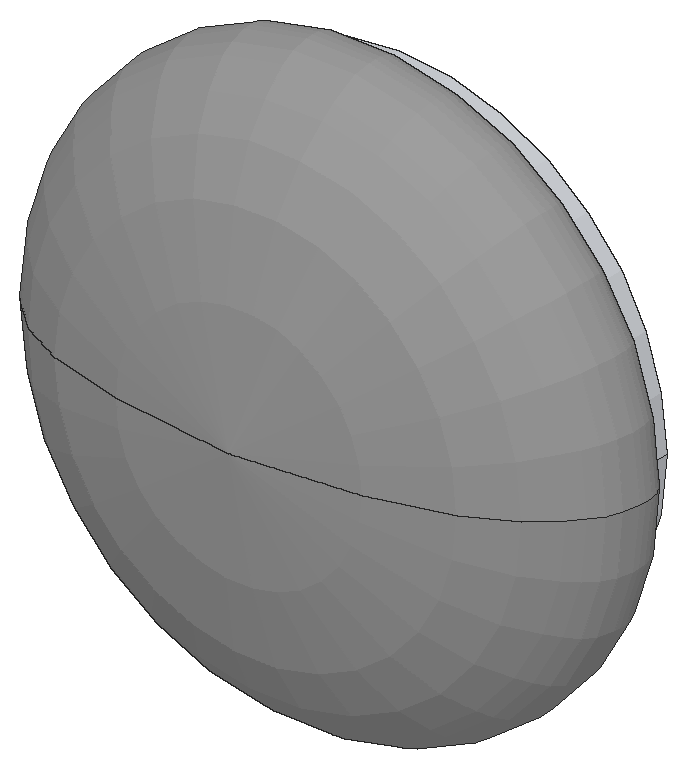
Revit family "2045-14", category Lighting Fixtures, Revit 2016
Family settings
  Part Type = Normal
  Round Connector Dimension = Use Diameter
  OmniClass Number = 23.80.70.00
  OmniClass Title = Lighting
  Work Plane-Based = No
  Always vertical = Yes
  Cut with Voids When Loaded = No
  Light Source = Yes
  Shared = No
  Room Calculation Point = No
Parameters
  Wattage = 12.1178 W
  built-in parameter 1150110 = 1 (stored number, unit not read)
  built-in parameter 1114217 = 1 (stored number, unit not read)
  built-in parameter 1150109 = 1 (stored number, unit not read)
  built-in parameter 1150134 = (empty or 0)
  built-in parameter 1150113 = 1 (stored number, unit not read)
  Lumens = 1800 lm
  built-in parameter 1150115 = 1 (stored number, unit not read)
  built-in parameter 1150105 = 143.24 (stored number, unit not read)
  Light Source Symbol Size = 2' - 0"
  built-in parameter 1150137 = (empty or 0)
  built-in parameter 1150139 = (empty or 0)
  built-in parameter 1150112 = 1 (stored number, unit not read)
  built-in parameter 1150114 = 1 (stored number, unit not read)
  built-in parameter 1150132 = 2
  built-in parameter 1150102 = (empty or 0)
  built-in parameter 1150138 = (empty or 0)
  built-in parameter 1150107 = 3000 (stored number, unit not read)
  built-in parameter 1150106 = 1.4324 (stored number, unit not read)
  built-in parameter 1150104 = 13.8 (stored number, unit not read)
  Dimming Lamp Color Temperature Shift = (empty or 0)
  Color Filter = 16777215
  built-in parameter 1114218 = 1 (stored number, unit not read)
  built-in parameter 1150133 = 10 (stored number, unit not read)
Reference planes (in)
  plane 1 "Light Source Axis (F/B)": y = 0
  plane 2: z = 0
  plane 3 "Light Source Axis (L/R)": x = 0
  plane 4 "Light Source Elevation": z = -0.59074
Forms (in)
  Revolve 1, solid
    sketch origin (0, 0, 0) x (1, 0, 0) y (0, 1, 0)
      loop
        line (0, -0.14864) -> (6, -0.14864) -> (6, 0.75) -> (0, 0.75) -> (0, -0.14864)
      axis (0, -0.14864) -> (0, 0.75)
    angle from 0 to 360
  Revolve 2, solid, material "Acrylic-Brownlee"
    sketch origin (0, 0, 0) x (1, 0, 0) y (0, 1, 0)
      loop
        line (-4.2, 0) -> (-4.8678, 0) -> (-6.15946, 0)
        spline (-6.15946, 0) -> (-6.65982, -0.2804) -> (-6.78019, -0.76144) -> (-6.72699, -1.21528) -> (-6.59038, -1.57475) -> (-6.37859, -1.88583) -> (-6.09815, -2.19691) -> (-5.73761, -2.54143) -> (-5.22593, -2.90338) -> (-4.47972, -3.25648) -> (-3.41559, -3.57446) -> (-1.95014, -3.83106) -> (0, -4)
        line (0, -4) -> (0, 0) -> (-4.2, 0)
      axis (0, 0) -> (0, -4)
    angle from 0 to 360
Dimensions and locks (in)
  aligned and locked: plane 4 "Light Source Elevation" to imposter light
  aligned and locked: level to plane 2
